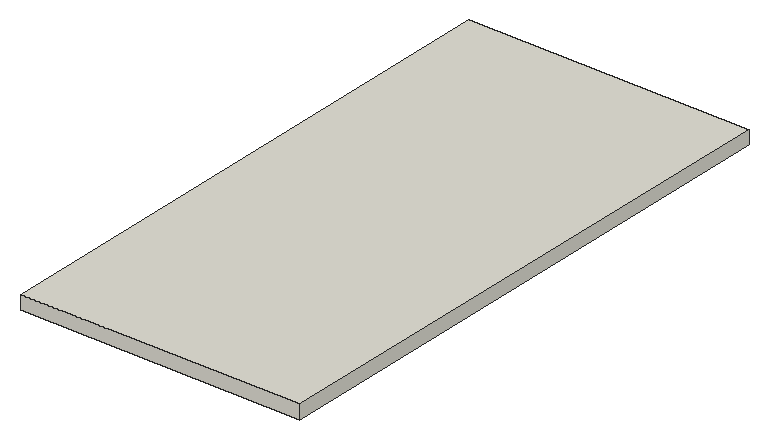
Revit family "Haworth_BeHold_PedestalTop", category Furniture Systems, Revit 2018
Family settings
  Round Connector Dimension = Use Diameter
  Part Type = Normal
  OmniClass Number = 23.40.70.14.64.21
  OmniClass Title = Systems Furniture
  Work Plane-Based = No
  Always vertical = Yes
  Cut with Voids When Loaded = No
  Shared = No
  Room Calculation Point = No
Parameters (values of type "30d 15w")
  Width = 15"
  Warranty = "http://www.haworth.com/resources/product-info/warranties"
  URL - Product = "https://www.haworth.com/na/en/products/active-storage/be-hold.html"
  URL = "www.haworth.com"
  Top Finish [instance] = Haworth _ Laminate _ Beige H-34
  Top Edge Finish [instance] = Haworth _ Laminate _ Beige H-34
  Thickness = if([0.75" Thick], 3/4", 1 23/128")  # 3/4"
  Sustainability Info = "https://www.haworth.com/company-info/sustainability"
  Standard Widths = "12, 15 in."  # constant formula
  Size = "Verify Final Dim. w/ Haworth"  # constant formula
  Revision Number = "1"  # constant formula
  Model = "Haworth Be_Hold"  # constant formula
  Min. Width = 12"  # constant formula
  Min. Depth = 16"  # constant formula
  Max. Width = 15"  # constant formula
  Max. Depth = 30"  # constant formula
  Manufacturer = "Haworth"  # constant formula
  Description = "Haworth - Be_Hold - Pedestal Top - 30d 15w"
  Depth = 30"
  Custom Size = not(or(and(or(Depth = 18", Depth = 24", Depth = 30"), or(Width = 12", Width = 15")), and(Depth = 16", Width = 15")))  # no
  Author = "Haworth (Alias)"  # constant formula
  Assembly Code = "E2020200"
  Actual Width = if(Width < Min. Width, Min. Width, if(Width > Max. Width, Max. Width, Width))  # 15"
  Actual Mounting Height = 21 1/4"
  Actual Depth = if(Depth > Max. Depth, Max. Depth, if(Depth < Min. Depth, Min. Depth, Depth))  # 30"
  Standard Depths = "16, 18, 24, 30 in."  # constant formula
  1.18" Thick = not([0.75" Thick])  # no
  0.75" Thick = yes
Reference planes (in)
  plane 1: z = 0
  plane 2 "Center L/R": x = -6.17556
  plane 3 "Center F/B": y = -11.5
  plane 4 "Top of top": z = 22
  plane 5 "Back": y = 3.5
  plane 6 "Front": y = -26.5
  plane 7 "Left": x = -13.67556
  plane 8 "Right": x = 1.32444
  plane 9 "Bottom of top": z = 21.25
Forms (in)
  Extrusion 1, solid, material "Haworth _ Laminate _ Beige H-34" <- "Top Finish"
    sketch origin (0, 0, 0) x (1, 0, 0) y (0, 1, 0)
      loop
        line (-13.67556, 3.5) -> (-13.67556, -26.5) -> (1.32444, -26.5) -> (1.32444, 3.5) -> (-13.67556, 3.5)
    from 21.25 to 22
Lines and regions (in)
  Masking region 1
    outline origin (0, 0, 0) x (1, 0, 0) y (0, 1, 0)
      loop
        line (-13.67556, 3.5) -> (-13.67556, -26.5) -> (1.32444, -26.5) -> (1.32444, 3.5) -> (-13.67556, 3.5)
Dimensions and locks (in)
  equal spacing: plane 5 "Back", plane 3 "Center F/B", plane 6 "Front"
  "Actual Depth": plane 5 "Back" to plane 6 "Front"
  equal spacing: plane 7 "Left", plane 2 "Center L/R", plane 8 "Right"
  "Actual Width": plane 7 "Left" to plane 8 "Right"
  "Thickness": plane 4 "Top of top" to plane 9 "Bottom of top"
  "Actual Mounting Height": plane 9 "Bottom of top" to plane 1
  aligned and locked: plane 8 "Right" to Extrusion 1 sketch curve
  aligned and locked: plane 7 "Left" to Extrusion 1 sketch curve
  aligned and locked: plane 6 "Front" to Extrusion 1 sketch curve
  aligned and locked: Extrusion 1 sketch curve to plane 5 "Back"
  aligned and locked: plane 4 "Top of top" to Extrusion 1
  aligned and locked: Extrusion 1 to plane 9 "Bottom of top"
  aligned and locked: plane 8 "Right" to Masking region 1 sketch curve
  aligned and locked: Masking region 1 sketch curve to plane 5 "Back"
  aligned and locked: plane 7 "Left" to Masking region 1 sketch curve
  aligned and locked: plane 6 "Front" to Masking region 1 sketch curve
